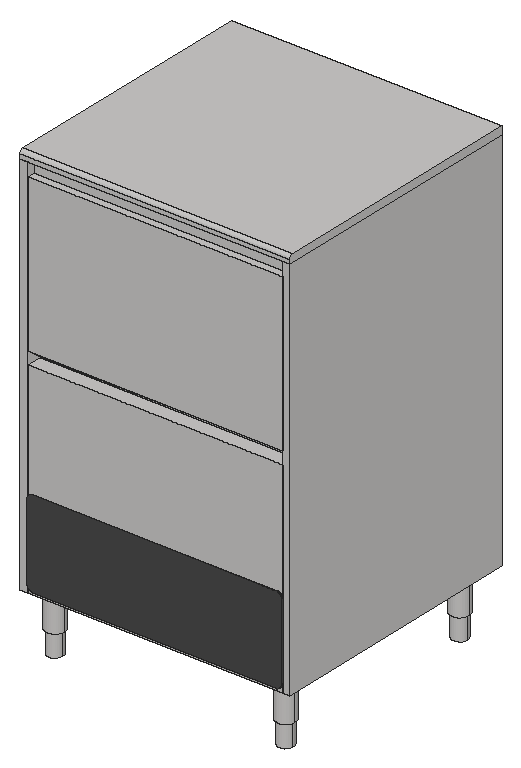
Revit family "QF_ZANUSSI_730324_ICB112I60SDP", category Attrezzature speciali, Revit 2018
Family settings
  Quota connettore circolare = Usa diametro
  Tipo di parte = Normale
  Basato su piano di lavoro = No
  Sempre verticale = Sì
  Taglio con vuoti quando caricato = No
  Condiviso = No
  Punto di calcolo locali = No
Parameters (values of type "Standard")
  Weight = 81.00 kg
  Watts = 0 W
  Volts = 220 V
  URL Manufacturer = "http://www.zanussiprofessional.com"
  URL = "http://www.zanussiprofessional.com"
  Steam Supply Size = 0 mm
  Steam Supply Minimum Pressure = 0.0 Pa
  Steam Supply Maximum Pressure = 0.0 Pa
  Steam Pounds per Hour = 0
  Show Logo [instance] = yes
  Show Clearance [instance] = yes
  Refrigeration Suction Line Size = 0 mm
  Refrigeration Liquid Line Size = 0 mm
  Refrigerant Compressor Remote = yes
  Produttore = "Zanussi"
  Phase = 1
  Modello = "ICB112I60SDP"
  Length Actual = 715 mm  # constant formula
  Item Number = "730324"
  Hot Water Size = 0 mm
  Height Actual = 1149 mm  # constant formula
  HP = "0 HP"
  Gas Size = 0 mm
  Gas KW = 0
  Gas Input Pressure = 0 W
  Descrizione = "AIR COOLED ICE CUBER 22GR 112KG/24H-BIN 60KG DRAIN PUMP"
  Depth Actual = 700 mm  # constant formula
  Cycle = 50 Hz
  Condensate Return Size = 0 mm
  Compressed Air Volume = 0.0 L/s
  Compressed Air Size = 0 mm
  Compressed Air Pressure = 0.0 Pa
  Cold Water Size = 19.05 mm
  Accessory = yes
Reference planes
  plane 1 "Center X": y = 272.851
  plane 2: z = 0
  plane 3 "Center Y": x = -501.5
  plane 4 "LEFT": x = -859
  plane 5 "RIGHT": x = -144
  plane 6 "FRONT": y = -77.649
  plane 7 "BACK": y = 623.351
  plane 8: z = 154
  plane 9: z = 1198
  plane 10: z = 1178
  plane 11: x = -839
  plane 12: x = -164
  plane 13: y = -37.649
Forms (mm)
  Extrusion 1, solid, material "QF_Finishes_Black"
    sketch origin (-217.296, -77.649, 371.513) x (-1, 0, 0) y (0, 0, -1)
      loop
        arc (606.704, -20.487) -> (617.311, -16.093) -> (621.704, -5.487) r 15
        line (621.704, -5.487) -> (621.704, 195.469)
        arc (621.704, 195.469) -> (617.311, 206.075) -> (606.704, 210.469) r 15
        line (606.704, 210.469) -> (-38.296, 210.469)
        arc (-38.296, 210.469) -> (-48.903, 206.075) -> (-53.296, 195.469) r 15
        line (-53.296, 195.469) -> (-53.296, -5.487)
        arc (-53.296, -5.487) -> (-48.903, -16.093) -> (-38.296, -20.487) r 15
        line (-38.296, -20.487) -> (606.704, -20.487)
    from 0 to 2
  Extrusion 2, solid, material "QF_Finishes_Stainless Steel"
    sketch origin (-501.5, 0, 0) x (0, 1, 0) y (0, 0, 1)
      loop
        line (623.351, 1178) -> (623.351, 1198) -> (-67.649, 1198)
        arc (-67.649, 1198) -> (-74.72, 1195.071) -> (-77.649, 1188) r 10
        line (-77.649, 1188) -> (-77.649, 1178) -> (623.351, 1178)
    from -357.5 to 357.5
  Extrusion 3, solid, material "QF_Finishes_Stainless Steel"
    sketch origin (-446.7, 623.351, -284.545) x (1, 0, 0) y (0, 0, -1)
      loop
        circle (233.2, -654.545) r 10
    from 0 to 10
  Extrusion 4, solid, material "QF_Finishes_Stainless Steel"
    sketch origin (0, 0, 0) x (1, 0, 0) y (0, 1, 0)
      loop
        line (-859, 623.351) -> (-859, -77.649) -> (-839, -77.649) -> (-839, 623.351) -> (-859, 623.351)
    from 154 to 1178
  Extrusion 5, solid, material "QF_Finishes_Stainless Steel"
    sketch origin (0, 0, 0) x (1, 0, 0) y (0, 1, 0)
      loop
        line (-164, 623.351) -> (-164, -77.649) -> (-144, -77.649) -> (-144, 623.351) -> (-164, 623.351)
    from 154 to 1178
  Extrusion 6, solid, material "QF_Finishes_Stainless Steel"
    sketch origin (0, 0, 0) x (1, 0, 0) y (0, 1, 0)
      loop
        line (-839, 623.351) -> (-839, -37.649) -> (-164, -37.649) -> (-164, 623.351) -> (-839, 623.351)
    from 154 to 1178
  Extrusion 7, solid, material "QF_Finishes_Stainless Steel"
    sketch origin (0, 0, 0) x (1, 0, 0) y (0, 1, 0)
      loop
        line (-839, -77.649) -> (-164, -77.649) -> (-164, -37.649) -> (-839, -37.649) -> (-839, -77.649)
    from 154 to 695.994
  Extrusion 8, solid, material "QF_Finishes_Stainless Steel"
    sketch origin (-501.5, 0, 0) x (0, 1, 0) y (0, 0, 1)
      loop
        line (-37.649, 1178) -> (-57.649, 1178) -> (-57.649, 1142) -> (-77.649, 1142) -> (-77.649, 728.768) -> (-57.649, 728.768) -> (-57.649, 713.768) -> (-37.649, 713.768) -> (-37.649, 1178)
    from -337.5 to 337.5
  Extrusion 9, solid, material "QF_Finishes_Stainless Steel"
    sketch origin (-428.2, 623.351, -395.545) x (1, 0, 0) y (0, 0, -1)
      loop
        circle (233.2, -654.545) r 10
    from 0 to 10
  Extrusion 10, solid, material "QF_Finishes_Stainless Steel"
    sketch origin (-487.7, 623.351, -316.545) x (1, 0, 0) y (0, 0, -1)
      loop
        circle (233.2, -654.545) r 10
    from 0 to 10
Lines and regions (mm)
  Split face 1
    outline origin (-501.5, -57.649, 1178) x (0, 0, -1) y (1, 0, 0)
      loop
        line (5.715, 214.928) -> (30.715, 214.928) -> (30.715, 254.928) -> (5.715, 254.928) -> (5.715, 214.928)
  symbolic lines
    curve 1: line (-859, 623.351, 0) -> (-144, 623.351, 0)
    curve 2: line (-859, -77.649, 0) -> (-859, 623.351, 0)
    curve 3: line (-144, -77.649, 0) -> (-859, -77.649, 0)
    curve 4: line (-144, 623.351, 0) -> (-144, -77.649, 0)
Dimensions and locks
  equal spacing: plane 4 "LEFT", plane 3 "Center Y", plane 5 "RIGHT"
  plane 4 "LEFT" to plane 5 "RIGHT" = 715 mm
  equal spacing: plane 7 "BACK", plane 1 "Center X", plane 6 "FRONT"
  plane 7 "BACK" to plane 6 "FRONT" = 701 mm
  plane 8 to plane 2 = 154 mm
  plane 9 to plane 8 = 1044 mm
  locked: plane 4 "LEFT" to plane 11 at 20
  locked: plane 12 to plane 5 "RIGHT" at 20
  locked: plane 9 to plane 10 at 20
  locked: plane 13 to plane 6 "FRONT" at 40
  aligned and locked: level to plane 2
  aligned and locked: plane 5 "RIGHT" to Extrusion 2
  aligned and locked: Extrusion 2 to plane 4 "LEFT"
  aligned and locked: Extrusion 4 sketch curve to Extrusion 2  (x2)
  aligned and locked: plane 6 "FRONT" to Extrusion 4 sketch curve
  aligned and locked: Extrusion 4 sketch curve to plane 11
  aligned and locked: Extrusion 5 sketch curve to plane 7 "BACK"
  aligned and locked: plane 12 to Extrusion 5 sketch curve
  aligned and locked: Extrusion 5 sketch curve to Extrusion 2  (x2)
  aligned and locked: plane 10 to Extrusion 4
  aligned and locked: plane 10 to Extrusion 5
  aligned and locked: Extrusion 4 to plane 8
  aligned and locked: Extrusion 5 to plane 8
  aligned and locked: Extrusion 6 sketch curve to Extrusion 4
  aligned and locked: Extrusion 4 to Extrusion 6 sketch curve
  aligned and locked: plane 13 to Extrusion 6 sketch curve
  aligned and locked: Extrusion 6 sketch curve to plane 12
  aligned and locked: plane 10 to Extrusion 6
  aligned and locked: Extrusion 6 to plane 8
  aligned and locked: Extrusion 4 to Extrusion 7 sketch curve
  aligned and locked: Extrusion 7 sketch curve to Extrusion 4
  aligned and locked: plane 13 to Extrusion 7 sketch curve
  aligned and locked: plane 12 to Extrusion 7 sketch curve
  aligned and locked: Extrusion 7 to plane 8
  aligned and locked: plane 12 to Extrusion 8
  aligned and locked: Extrusion 8 to plane 11
Automatic sketch dimensions
  curve 3 to plane 4 "LEFT" = 0 mm
  curve 3 to plane 5 "RIGHT" = 0 mm
  curve 3 to plane 6 "FRONT" = 0 mm
  curve 2 to plane 7 "BACK" = 0 mm
  Extrusion 1 sketch curve to plane 12 = 0 mm
  plane 8 to Extrusion 1 sketch curve = 7.044 mm
  Extrusion 1 sketch curve to Extrusion 1 sketch curve = 15 mm  (x3)
  plane 11 to Extrusion 1 sketch curve = 15 mm  (x2)
  Extrusion 1 sketch curve to Extrusion 1 sketch curve = 200.956 mm
  Extrusion 2 sketch curve to plane 6 "FRONT" = 0 mm
  Extrusion 2 sketch curve to plane 9 = 0 mm
  Extrusion 2 sketch curve to plane 7 "BACK" = 0 mm
  Extrusion 2 sketch curve to plane 10 = 0 mm
  plane 6 "FRONT" to Extrusion 2 sketch curve = 10 mm
  Extrusion 6 to Extrusion 3 sketch curve = 216 mm
  Extrusion 3 sketch curve to Extrusion 6 = 49.5 mm
  Extrusion 8 sketch curve to plane 6 "FRONT" = 0 mm
  Extrusion 8 sketch curve to plane 10 = 0 mm
  Extrusion 8 sketch curve to plane 13 = 0 mm
  plane 6 "FRONT" to Extrusion 8 sketch curve = 20 mm  (x2)
  Extrusion 8 sketch curve to plane 10 = 36 mm
  Extrusion 8 sketch curve to Extrusion 8 sketch curve = 413.232 mm
  Extrusion 8 sketch curve to Extrusion 8 sketch curve = 15 mm
  Split face 1 sketch curve to Extrusion 8 = 5.715 mm
  Extrusion 8 to Split face 1 sketch curve = 5.285 mm
  Split face 1 sketch curve to Extrusion 8 = 122.572 mm
  Split face 1 sketch curve to Split face 1 sketch curve = 40 mm
  Extrusion 9 sketch curve to Extrusion 6 = 31 mm
  Extrusion 6 to Extrusion 9 sketch curve = 105 mm
  Extrusion 10 sketch curve to Extrusion 6 = 90.5 mm
  Extrusion 6 to Extrusion 10 sketch curve = 184 mm
  radius of Extrusion 3 sketch curve = 10 mm
  radius of Extrusion 9 sketch curve = 10 mm
  radius of Extrusion 10 sketch curve = 10 mm
Nested families
  nested 1: "Foot_Complete" at (-807, -26.649, 0), type "Foot_Complete"
  nested 2: "Foot_Complete" at (-196, -26.649, 0) x (-1, 0, 0) z (0, 0, 1), type "Foot_Complete"
  nested 3: "Foot_Complete" at (-807, 550.351, 0), type "Foot_Complete"
  nested 4: "Foot_Complete" at (-196, 550.351, 0) x (-1, 0, 0) z (0, 0, 1), type "Foot_Complete"
Connectors
  electrical at (-195, 633.351, 259), driven by "Volts"
    settings: on Extrusion 9, index 1, voltage 220 V, apparent load 0 VA, apparent load phase1 0 VA, apparent load phase2 0 VA, apparent load phase3 0 VA, power factor 1, load classification "Altro", number of poles 1, system type 30, power factor state 1, is connector primary yes, connector utility no, sub classification motor no, connector description "Electrical Connection"
  piping at (-213.5, 633.351, 370), diameter 20
    settings: on Extrusion 3, index 2, connector inside diameter 609.6 mm, connector length 0 mm, flow factor 0, pipe flow 0.0 L/s, pressure drop 0.0 Pa, fitting loss kfactor 0, connector angle 0.00°, fixture units 0, engagement length 0 mm, angle of deflection 0.00°, flow configuration 0, flow direction 0, fitting loss method 0, system type 20, joint type 0, gender type 0, connector reference index -1, connector utility 0, adjustable connector no, is connector primary yes, connector description "Cold water"
  piping at (-254.5, 633.351, 338), diameter 20
    settings: on Extrusion 10, index 3, connector inside diameter 609.6 mm, connector length 0 mm, flow factor 0, pipe flow 0.0 L/s, pressure drop 0.0 Pa, fitting loss kfactor 0, connector angle 0.00°, fixture units 0, engagement length 0 mm, angle of deflection 0.00°, flow configuration 0, flow direction 0, fitting loss method 0, system type 16, joint type 0, gender type 0, connector reference index -1, connector utility 0, adjustable connector no, is connector primary no, connector description "Drain"
Definition of nested family "Foot_Complete"
  Parameters (values of type "Foot_Complete")
    R = 25 mm
    H = 153 mm
  Reference planes
    plane 1 "Centro (Fronte/Retro)": y = 0
    plane 2: z = 0
    plane 3 "Centro (Sinistra/Destra)": x = 0
    plane 4: z = 153
  Forms (mm)
    Revolve 1, solid
      sketch origin (255.05, 0, 608.09) x (0, 0, 1) y (-1, 0, 0)
        loop
          line (-608.09, 255.05) -> (-608.09, 235.05) -> (-548.09, 235.05) -> (-548.09, 230.05) -> (-455.09, 230.05) -> (-455.09, 255.05) -> (-608.09, 255.05)
        axis (-608.09, 255.05) -> (-455.09, 255.05)
      angle from 0 to 360
  Dimensions and locks
    level to Revolve 1 sketch curve = 60 mm
    "R": Revolve 1 sketch curve to plane 3 "Centro (Sinistra/Destra)"
    "H": plane 4 to level
    aligned and locked: level to plane 2
    aligned and locked: plane 4 to Revolve 1 sketch curve
    aligned and locked: Revolve 1 sketch curve to level
    aligned and locked: plane 3 "Centro (Sinistra/Destra)" to Revolve 1 sketch curve
  Automatic sketch dimensions
    Revolve 1 sketch curve to plane 3 "Centro (Sinistra/Destra)" = 0 mm
    plane 3 "Centro (Sinistra/Destra)" to Revolve 1 sketch curve = 20 mm
    Revolve 1 sketch curve to Revolve 1 sketch curve = 50 mm
    Revolve 1 sketch curve to Revolve 1 sketch curve = 20 mm
